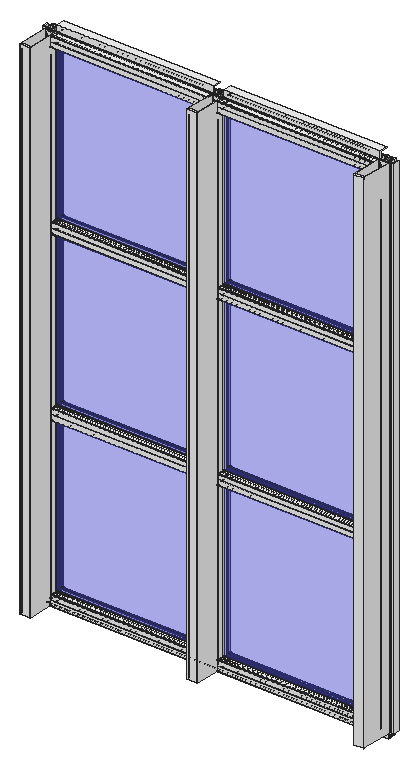
Revit family "Facade_60_Curtain_Wall_S23_Custom", category Windows, host Wall, Revit 2014 (continued)
Definition of nested family "F60 Vertical Profile Side_S23_Cust"
  Automatic sketch dimensions
    plane 3 "Center (Left/Right)" to Extrusion 5 sketch curve = 1.051 mm
    Extrusion 5 sketch curve to Extrusion 5 sketch curve = 0.469 mm  (x2)
    Extrusion 5 sketch curve to Extrusion 5 sketch curve = 1.079 mm
    Extrusion 5 sketch curve to Extrusion 5 sketch curve = 1.317 mm  (x2)
    Extrusion 5 sketch curve to Extrusion 5 sketch curve = 0 mm  (x3)
    plane 3 "Center (Left/Right)" to Extrusion 5 sketch curve = 3.851 mm
    Extrusion 5 sketch curve to Extrusion 5 sketch curve = 0.15 mm  (x2)
    Extrusion 5 sketch curve to Extrusion 5 sketch curve = 26 mm  (x2)
    Extrusion 5 sketch curve to Extrusion 5 sketch curve = 1.05 mm
    plane 1 "Center (Front/Back)" to Extrusion 5 sketch curve = 16.772 mm
    Extrusion 5 sketch curve to Extrusion 5 sketch curve = 0.707 mm
    Extrusion 5 sketch curve to Extrusion 5 sketch curve = 0.433 mm
    plane 1 "Center (Front/Back)" to Extrusion 5 sketch curve = 17.298 mm
    plane 1 "Center (Front/Back)" to Extrusion 5 sketch curve = 14.076 mm
    Extrusion 5 sketch curve to Extrusion 5 sketch curve = 0.5 mm  (x2)
    plane 1 "Center (Front/Back)" to Extrusion 5 sketch curve = 18.761 mm
    Extrusion 5 sketch curve to Extrusion 5 sketch curve = 0.1 mm  (x3)
    Extrusion 5 sketch curve to Extrusion 5 sketch curve = 1.1 mm  (x2)
    Extrusion 5 sketch curve to Extrusion 5 sketch curve = 8.608 mm
    Extrusion 5 sketch curve to Extrusion 5 sketch curve = 0.962 mm
    Extrusion 6 sketch curve to plane 3 "Center (Left/Right)" = 0 mm
    plane 3 "Center (Left/Right)" to Extrusion 6 sketch curve = 1 mm
    plane 3 "Center (Left/Right)" to Extrusion 6 sketch curve = 1.65 mm
    plane 3 "Center (Left/Right)" to Extrusion 6 sketch curve = 1.85 mm
    Extrusion 6 sketch curve to Extrusion 6 sketch curve = 10.317 mm  (x3)
    Extrusion 6 sketch curve to Extrusion 6 sketch curve = 1.833 mm  (x4)
    Extrusion 6 sketch curve to Extrusion 6 sketch curve = 0.02 mm  (x2)
    Extrusion 6 sketch curve to plane 1 "Center (Front/Back)" = 13 mm
    Extrusion 6 sketch curve to Extrusion 6 sketch curve = 31.961 mm
    Extrusion 6 sketch curve to Extrusion 6 sketch curve = 32 mm
    Extrusion 6 sketch curve to Extrusion 6 sketch curve = 0.2 mm  (x5)
    Extrusion 6 sketch curve to Extrusion 6 sketch curve = 0.85 mm
    Extrusion 6 sketch curve to Extrusion 6 sketch curve = 1.65 mm
    Extrusion 6 sketch curve to Extrusion 6 sketch curve = 1 mm  (x8)
    Extrusion 6 sketch curve to Extrusion 6 sketch curve = 1.944 mm
    Extrusion 6 sketch curve to Extrusion 6 sketch curve = 4.656 mm  (x2)
    Extrusion 6 sketch curve to Extrusion 6 sketch curve = 82.1 mm
    Extrusion 6 sketch curve to Extrusion 6 sketch curve = 2.5 mm
    Extrusion 7 sketch curve to plane 3 "Center (Left/Right)" = 0 mm
    Extrusion 7 sketch curve to Extrusion 7 sketch curve = 1 mm  (x3)
    plane 3 "Center (Left/Right)" to Extrusion 7 sketch curve = 1.65 mm
    plane 3 "Center (Left/Right)" to Extrusion 7 sketch curve = 2.35 mm
    Extrusion 7 sketch curve to Extrusion 7 sketch curve = 0.6 mm  (x3)
    Extrusion 7 sketch curve to Extrusion 7 sketch curve = 9.217 mm  (x2)
    Extrusion 7 sketch curve to Extrusion 7 sketch curve = 1.833 mm  (x2)
    Extrusion 7 sketch curve to Extrusion 7 sketch curve = 32 mm
    Extrusion 7 sketch curve to plane 1 "Center (Front/Back)" = 15 mm
    Extrusion 7 sketch curve to Extrusion 7 sketch curve = 54.1 mm
    Extrusion 7 sketch curve to Extrusion 7 sketch curve = 1.3 mm
    Extrusion 7 sketch curve to Extrusion 7 sketch curve = 1.95 mm
    Extrusion 7 sketch curve to Extrusion 7 sketch curve = 1.65 mm
    Extrusion 7 sketch curve to Extrusion 7 sketch curve = 4.987 mm
    Extrusion 7 sketch curve to Extrusion 7 sketch curve = 4.813 mm
    Extrusion 7 sketch curve to Extrusion 7 sketch curve = 4.812 mm
    Extrusion 7 sketch curve to Extrusion 7 sketch curve = 137.5 mm
    Extrusion 7 sketch curve to Extrusion 7 sketch curve = 0.2 mm  (x2)
    Extrusion 7 sketch curve to Extrusion 7 sketch curve = 0.4 mm  (x2)
    Extrusion 7 sketch curve to Extrusion 7 sketch curve = 4.5 mm
    Extrusion 8 sketch curve to plane 3 "Center (Left/Right)" = 0 mm
    Extrusion 8 sketch curve to Extrusion 8 sketch curve = 1 mm  (x3)
    plane 3 "Center (Left/Right)" to Extrusion 8 sketch curve = 1.65 mm
    plane 3 "Center (Left/Right)" to Extrusion 8 sketch curve = 2.75 mm
    Extrusion 8 sketch curve to Extrusion 8 sketch curve = 0.8 mm  (x2)
    Extrusion 8 sketch curve to Extrusion 8 sketch curve = 52.5 mm
    Extrusion 8 sketch curve to plane 1 "Center (Front/Back)" = 15.1 mm
    Extrusion 8 sketch curve to Extrusion 8 sketch curve = 52.9 mm
    Extrusion 8 sketch curve to Extrusion 8 sketch curve = 1.9 mm
    Extrusion 8 sketch curve to Extrusion 8 sketch curve = 2.75 mm
    Extrusion 8 sketch curve to Extrusion 8 sketch curve = 4.444 mm
    Extrusion 8 sketch curve to Extrusion 8 sketch curve = 4.656 mm  (x2)
    Extrusion 8 sketch curve to Extrusion 8 sketch curve = 163.2 mm
    Extrusion 8 sketch curve to Extrusion 8 sketch curve = 9.5 mm
    plane 3 "Center (Left/Right)" to Extrusion 9 sketch curve = 25.249 mm
    Extrusion 9 sketch curve to Extrusion 9 sketch curve = 0.5 mm  (x4)
    Extrusion 9 sketch curve to Extrusion 9 sketch curve = 1.1 mm
    plane 1 "Center (Front/Back)" to Extrusion 9 sketch curve = 11.356 mm  (x2)
    Extrusion 9 sketch curve to Extrusion 9 sketch curve = 0.293 mm  (x2)
    Extrusion 9 sketch curve to Extrusion 9 sketch curve = 1.896 mm
    Extrusion 9 sketch curve to Extrusion 9 sketch curve = 1.922 mm
    Extrusion 9 sketch curve to Extrusion 9 sketch curve = 1 mm  (x2)
    Extrusion 9 sketch curve to Extrusion 9 sketch curve = 0.7 mm
    Extrusion 9 sketch curve to Extrusion 9 sketch curve = 0.808 mm
    Extrusion 9 sketch curve to plane 1 "Center (Front/Back)" = 2.272 mm  (x2)
    Extrusion 9 sketch curve to Extrusion 9 sketch curve = 0.303 mm
    Extrusion 9 sketch curve to plane 1 "Center (Front/Back)" = 1.745 mm
    Extrusion 9 sketch curve to Extrusion 9 sketch curve = 0.356 mm
    plane 1 "Center (Front/Back)" to Extrusion 9 sketch curve = 9.206 mm  (x2)
    Extrusion 9 sketch curve to Extrusion 9 sketch curve = 1.647 mm
    Extrusion 9 sketch curve to Extrusion 9 sketch curve = 0.701 mm
    Extrusion 9 sketch curve to Extrusion 9 sketch curve = 0.992 mm
    Extrusion 9 sketch curve to Extrusion 9 sketch curve = 0.003 mm
    Extrusion 9 sketch curve to Extrusion 9 sketch curve = 0.002 mm
    Extrusion 9 sketch curve to Extrusion 9 sketch curve = 0.004 mm
    Extrusion 9 sketch curve to Extrusion 9 sketch curve = 0.708 mm
    Extrusion 9 sketch curve to plane 1 "Center (Front/Back)" = 1.946 mm
    Extrusion 9 sketch curve to Extrusion 9 sketch curve = 0.899 mm
    Extrusion 9 sketch curve to Extrusion 9 sketch curve = 0.444 mm
    Extrusion 9 sketch curve to Extrusion 9 sketch curve = 3.038 mm
    Extrusion 9 sketch curve to plane 1 "Center (Front/Back)" = 0.385 mm  (x2)
    Extrusion 9 sketch curve to Extrusion 9 sketch curve = 0.756 mm
    Extrusion 9 sketch curve to Extrusion 9 sketch curve = 2.153 mm
    Extrusion 9 sketch curve to Extrusion 9 sketch curve = 0.631 mm
    Extrusion 9 sketch curve to Extrusion 9 sketch curve = 0.807 mm
    Extrusion 9 sketch curve to Extrusion 9 sketch curve = 1.646 mm
    Extrusion 9 sketch curve to Extrusion 9 sketch curve = 0.707 mm
    Extrusion 9 sketch curve to Extrusion 9 sketch curve = 1.393 mm
    Extrusion 9 sketch curve to Extrusion 9 sketch curve = 1.923 mm
    Extrusion 9 sketch curve to Extrusion 9 sketch curve = 11.937 mm
    Extrusion 9 sketch curve to Extrusion 9 sketch curve = 1.6 mm
    Extrusion 9 sketch curve to Extrusion 9 sketch curve = 0.9 mm  (x2)
    Extrusion 9 sketch curve to Extrusion 9 sketch curve = 1.356 mm  (x2)
    Extrusion 9 sketch curve to Extrusion 9 sketch curve = 0.714 mm
    Extrusion 9 sketch curve to Extrusion 9 sketch curve = 0.02 mm
    Extrusion 9 sketch curve to Extrusion 9 sketch curve = 0.399 mm
    Extrusion 9 sketch curve to Extrusion 9 sketch curve = 2.224 mm
    Extrusion 9 sketch curve to Extrusion 9 sketch curve = 0.448 mm
    Extrusion 9 sketch curve to plane 1 "Center (Front/Back)" = 0.198 mm
    Extrusion 9 sketch curve to plane 1 "Center (Front/Back)" = 0.201 mm
    Extrusion 9 sketch curve to Extrusion 9 sketch curve = 0.032 mm
    Extrusion 9 sketch curve to Extrusion 9 sketch curve = 0 mm
    plane 3 "Center (Left/Right)" to Extrusion 10 sketch curve = 1.014 mm
    Extrusion 10 sketch curve to Extrusion 10 sketch curve = 0.469 mm  (x2)
    plane 3 "Center (Left/Right)" to Extrusion 10 sketch curve = 1.706 mm
    Extrusion 10 sketch curve to Extrusion 10 sketch curve = 1.079 mm
    Extrusion 10 sketch curve to Extrusion 10 sketch curve = 0.864 mm
    Extrusion 10 sketch curve to Extrusion 10 sketch curve = 1.15 mm  (x4)
    Extrusion 10 sketch curve to Extrusion 10 sketch curve = 3.2 mm  (x2)
    Extrusion 10 sketch curve to Extrusion 10 sketch curve = 3.031 mm  (x2)
    Extrusion 10 sketch curve to Extrusion 10 sketch curve = 0.6 mm  (x3)
    Extrusion 10 sketch curve to Extrusion 10 sketch curve = 15.584 mm  (x2)
    Extrusion 10 sketch curve to Extrusion 10 sketch curve = 0.808 mm  (x2)
    Extrusion 10 sketch curve to Extrusion 10 sketch curve = 3.038 mm
    Extrusion 10 sketch curve to Extrusion 10 sketch curve = 0.865 mm
    Extrusion 10 sketch curve to Extrusion 10 sketch curve = 1.25 mm  (x5)
    Extrusion 10 sketch curve to Extrusion 10 sketch curve = 0.61 mm
    plane 1 "Center (Front/Back)" to Extrusion 10 sketch curve = 31.288 mm
    Extrusion 10 sketch curve to Extrusion 10 sketch curve = 0.362 mm
    plane 1 "Center (Front/Back)" to Extrusion 10 sketch curve = 31.65 mm
    Extrusion 10 sketch curve to Extrusion 10 sketch curve = 0.962 mm
    Extrusion 10 sketch curve to Extrusion 10 sketch curve = 0.85 mm
    Extrusion 10 sketch curve to Extrusion 10 sketch curve = 0.512 mm  (x2)
    Extrusion 10 sketch curve to Extrusion 10 sketch curve = 0.4 mm  (x2)
    Extrusion 10 sketch curve to Extrusion 10 sketch curve = 1 mm
    Extrusion 10 sketch curve to Extrusion 10 sketch curve = 2.8 mm
    Extrusion 10 sketch curve to Extrusion 10 sketch curve = 0 mm  (x2)
    Extrusion 10 sketch curve to Extrusion 10 sketch curve = 1.4 mm
    Extrusion 10 sketch curve to Extrusion 10 sketch curve = 0.539 mm  (x2)
    plane 1 "Center (Front/Back)" to Extrusion 10 sketch curve = 28.864 mm
    Extrusion 11 sketch curve to plane 3 "Center (Left/Right)" = 0 mm
    plane 3 "Center (Left/Right)" to Extrusion 11 sketch curve = 0.65 mm
    Extrusion 11 sketch curve to Extrusion 11 sketch curve = 0.128 mm  (x2)
    plane 3 "Center (Left/Right)" to Extrusion 11 sketch curve = 1.014 mm
    plane 3 "Center (Left/Right)" to Extrusion 11 sketch curve = 1.05 mm
    Extrusion 11 sketch curve to Extrusion 11 sketch curve = 0.469 mm  (x2)
    Extrusion 11 sketch curve to Extrusion 11 sketch curve = 1.079 mm
    Extrusion 11 sketch curve to Extrusion 11 sketch curve = 1.317 mm  (x2)
    Extrusion 11 sketch curve to Extrusion 11 sketch curve = 0 mm  (x3)
    plane 3 "Center (Left/Right)" to Extrusion 11 sketch curve = 3.85 mm
    Extrusion 11 sketch curve to Extrusion 11 sketch curve = 0.15 mm  (x2)
    Extrusion 11 sketch curve to Extrusion 11 sketch curve = 26 mm  (x2)
    Extrusion 11 sketch curve to Extrusion 11 sketch curve = 1.05 mm
    Extrusion 11 sketch curve to Extrusion 11 sketch curve = 0.707 mm
    Extrusion 11 sketch curve to Extrusion 11 sketch curve = 0.433 mm
    plane 1 "Center (Front/Back)" to Extrusion 11 sketch curve = 31.288 mm
    plane 1 "Center (Front/Back)" to Extrusion 11 sketch curve = 28.065 mm
    Extrusion 11 sketch curve to Extrusion 11 sketch curve = 1.314 mm
    Extrusion 11 sketch curve to Extrusion 11 sketch curve = 0.65 mm
    Extrusion 11 sketch curve to Extrusion 11 sketch curve = 0.5 mm  (x2)
    plane 1 "Center (Front/Back)" to Extrusion 11 sketch curve = 32.75 mm
    Extrusion 11 sketch curve to Extrusion 11 sketch curve = 0.1 mm  (x3)
    Extrusion 11 sketch curve to Extrusion 11 sketch curve = 1.1 mm  (x2)
    Extrusion 11 sketch curve to Extrusion 11 sketch curve = 8.608 mm
    Extrusion 11 sketch curve to Extrusion 11 sketch curve = 0.962 mm
    Extrusion 12 sketch curve to plane 3 "Center (Left/Right)" = 21.349 mm
    Extrusion 12 sketch curve to Extrusion 12 sketch curve = 6.35 mm
    plane 3 "Center (Left/Right)" to Extrusion 12 sketch curve = 10.403 mm
    plane 1 "Center (Front/Back)" to Extrusion 12 sketch curve = 35.567 mm
    plane 1 "Center (Front/Back)" to Extrusion 12 sketch curve = 10.171 mm
    plane 1 "Center (Front/Back)" to Extrusion 12 sketch curve = 3.821 mm
    Extrusion 13 sketch curve to plane 3 "Center (Left/Right)" = 21.35 mm
    Extrusion 13 sketch curve to Extrusion 13 sketch curve = 6.35 mm
    plane 3 "Center (Left/Right)" to Extrusion 13 sketch curve = 10.402 mm
    plane 1 "Center (Front/Back)" to Extrusion 13 sketch curve = 33.172 mm
    plane 1 "Center (Front/Back)" to Extrusion 13 sketch curve = 7.775 mm
    plane 1 "Center (Front/Back)" to Extrusion 13 sketch curve = 1.425 mm
    Extrusion 14 sketch curve to plane 3 "Center (Left/Right)" = 0 mm
    plane 3 "Center (Left/Right)" to Extrusion 14 sketch curve = 1.2 mm
    Extrusion 14 sketch curve to Extrusion 14 sketch curve = 9.6 mm
    Extrusion 14 sketch curve to Extrusion 14 sketch curve = 1.2 mm  (x3)
    plane 1 "Center (Front/Back)" to Extrusion 14 sketch curve = 25.775 mm
    plane 1 "Center (Front/Back)" to Extrusion 14 sketch curve = 8.975 mm
    curve 4 to Extrusion 6 = 0 mm
    curve 3 to Extrusion 6 = 0 mm
    curve 1 to Extrusion 6 = 0 mm
    curve 4 to Extrusion 6 = 3.6 mm
    curve 3 to Extrusion 6 = 3.6 mm
    curve 1 to Extrusion 6 = 3.6 mm
    Extrusion 6 to curve 2 = 1 mm
    Extrusion 6 to curve 5 = 1 mm
    Extrusion 6 to curve 6 = 1 mm
    curve 6 to Extrusion 6 = 1 mm
    curve 5 to Extrusion 6 = 1 mm
    curve 2 to Extrusion 6 = 1 mm
    curve 9 to Extrusion 6 = 0 mm
    curve 8 to Extrusion 6 = 0 mm
    curve 7 to Extrusion 6 = 0 mm
    Extrusion 6 to curve 8 = 3.6 mm
    Extrusion 6 to curve 9 = 3.6 mm
    Extrusion 6 to curve 7 = 3.6 mm
    curve 12 to Extrusion 5 = 25.894 mm
    curve 11 to Extrusion 5 = 25.894 mm
    curve 10 to Extrusion 5 = 25.894 mm
    curve 10 to Extrusion 5 = 0.108 mm
    Extrusion 5 to curve 12 = 0.703 mm
    Extrusion 5 to curve 11 = 0.703 mm
    curve 13 to Extrusion 5 = 4 mm
    curve 14 to Extrusion 5 = 4 mm
    curve 15 to Extrusion 5 = 4 mm
    Extrusion 5 to curve 15 = 0.702 mm
    Extrusion 5 to curve 14 = 0.702 mm
    Extrusion 5 to curve 13 = 0.702 mm
    curve 18 to Extrusion 7 = 0 mm
    curve 17 to Extrusion 7 = 0 mm
    curve 16 to Extrusion 7 = 0 mm
    Extrusion 7 to curve 17 = 3.6 mm
    Extrusion 7 to curve 18 = 3.6 mm
    Extrusion 7 to curve 16 = 3.6 mm
    Extrusion 7 to curve 21 = 1 mm  (x2)
    Extrusion 7 to curve 20 = 1 mm  (x2)
    Extrusion 7 to curve 19 = 1 mm  (x2)
    curve 24 to Extrusion 7 = 0 mm
    curve 23 to Extrusion 7 = 0 mm
    curve 22 to Extrusion 7 = 0 mm
    curve 24 to Extrusion 7 = 3.6 mm
    curve 23 to Extrusion 7 = 3.6 mm
    curve 22 to Extrusion 7 = 3.6 mm
    curve 27 to Extrusion 8 = 0 mm
    curve 26 to Extrusion 8 = 0 mm
    curve 25 to Extrusion 8 = 0 mm
    Extrusion 8 to curve 26 = 3.6 mm
    Extrusion 8 to curve 27 = 3.6 mm
    Extrusion 8 to curve 25 = 3.6 mm
    Extrusion 8 to curve 30 = 0.221 mm
    Extrusion 8 to curve 29 = 0.221 mm
    Extrusion 8 to curve 28 = 0.221 mm
    curve 29 to Extrusion 8 = 0.222 mm
    curve 30 to Extrusion 8 = 0.222 mm
    curve 28 to Extrusion 8 = 0.222 mm
    curve 33 to Extrusion 8 = 0 mm
    curve 32 to Extrusion 8 = 0 mm
    curve 31 to Extrusion 8 = 0 mm
    curve 33 to Extrusion 8 = 3.6 mm
    curve 32 to Extrusion 8 = 3.6 mm
    curve 31 to Extrusion 8 = 3.6 mm
    curve 34 to Extrusion 11 = 4.016 mm
    curve 35 to Extrusion 11 = 4.016 mm
    curve 36 to Extrusion 11 = 3.97 mm
    Extrusion 11 to curve 36 = 0.637 mm
    Extrusion 11 to curve 35 = 0.637 mm
    Extrusion 11 to curve 34 = 0.637 mm
    curve 37 to Extrusion 11 = 29.221 mm
    curve 38 to Extrusion 11 = 29.221 mm
    curve 39 to Extrusion 11 = 29.221 mm
    Extrusion 11 to curve 39 = 3.222 mm
    Extrusion 11 to curve 38 = 3.222 mm
    Extrusion 11 to curve 37 = 3.222 mm
Definition of nested family "F60 Horizontal Profile Top_S23_Cust"
  Parameters (values of type "F60 Horizontal Profile Top")
    Thermal Break Material [instance] = none
    Single Glazing [instance] = yes
    Profile Material [instance] = none
    Length [instance] = 250 mm
    Double Glazing [instance] = yes
  Reference planes
    plane 1 "Center (Front/Back)": y = 0
    plane 2: z = 0
    plane 3 "Center (Left/Right)": x = 0
  Forms (mm)
    Extrusion 1, solid, material <- "Profile Material"
      sketch origin (0, 0, 0) x (0, 1, 0) y (0, 0, 1)
        loop
          line (-9.94, 7.845) -> (-8.37, 6.275) -> (-1.2, 10.415) -> (-1.2, 1.2) -> (-5, 1.2) -> (-5, 0) -> (-1, 0)
          arc (-1, 0) -> (-0.293, 0.293) -> (0, 1) r 1
          line (0, 1) -> (0, 30) -> (0, 59)
          arc (0, 59) -> (-0.293, 59.707) -> (-1, 60) r 1
          line (-1, 60) -> (-5, 60) -> (-5, 58.8) -> (-1.2, 58.8) -> (-1.2, 49.585) -> (-8.37, 53.725) -> (-9.94, 52.155)
          arc (-9.94, 52.155) -> (-9.902, 51.269) -> (-9.016, 51.232) r 0.655
          line (-9.016, 51.232) -> (-8.077, 52.17) -> (-1.2, 48.2) -> (-1.2, 30) -> (-1.2, 11.8) -> (-8.077, 7.83) -> (-9.016, 8.768)
          arc (-9.016, 8.768) -> (-9.902, 8.731) -> (-9.94, 7.845) r 0.655
      from 0 to 250 <- "Length"
    Extrusion 2, solid, material <- "Profile Material"
      sketch origin (0, 0, 0) x (0, 1, 0) y (0, 0, 1)
        loop
          line (-5, 60) -> (-44.6, 60) -> (-44.6, 58.35) -> (-39.944, 58.35) -> (-39.944, 1.65) -> (-44.6, 1.65) -> (-44.6, 0) -> (-5, 0) -> (-5, 2.2) -> (-4.2, 2.2) -> (-4.2, 3.018)
          arc (-4.2, 3.018) -> (-4.352, 3.783) -> (-4.786, 4.432) r 2
          line (-4.786, 4.432) -> (-7.054, 6.7) -> (-8, 6.489) -> (-8, 5.7) -> (-7.205, 5.7) -> (-7.205, 2.95) -> (-8, 2.95) -> (-8, 1.95) -> (-12.752, 1.95) -> (-12.752, 6.7) -> (-14.152, 6.7) -> (-14.152, 1.65) -> (-38.65, 1.65) -> (-38.65, 8.33) -> (-37.097, 8.33) -> (-34.666, 6.973)
          arc (-34.666, 6.973) -> (-33.846, 7.192) -> (-34.066, 8.012) r 0.6
          line (-34.066, 8.012) -> (-37.128, 9.78) -> (-38.65, 9.78) -> (-38.65, 12.65) -> (-37.6, 13.7) -> (-37.6, 20.3) -> (-38.65, 21.35) -> (-38.65, 38.65) -> (-37.6, 39.7) -> (-37.6, 46.3) -> (-38.65, 47.35) -> (-38.65, 50.22) -> (-37.128, 50.22) -> (-34.066, 51.988)
          arc (-34.066, 51.988) -> (-33.846, 52.808) -> (-34.666, 53.027) r 0.6
          line (-34.666, 53.027) -> (-37.032, 51.661) -> (-38.65, 51.661) -> (-38.65, 58.35) -> (-14.152, 58.35) -> (-14.152, 53.3) -> (-12.752, 53.3) -> (-12.752, 58.05) -> (-8, 58.05) -> (-8, 57.05) -> (-7.205, 57.05) -> (-7.205, 54.3) -> (-8, 54.3) -> (-8, 53.511) -> (-7.054, 53.3) -> (-4.786, 55.568)
          arc (-4.786, 55.568) -> (-4.352, 56.217) -> (-4.2, 56.982) r 2
          line (-4.2, 56.982) -> (-4.2, 57.8) -> (-5, 57.8) -> (-5, 60)
      from 0 to 250 <- "Length"
    Extrusion 3, solid, material <- "Thermal Break Material"
      sketch origin (0, 0, 0) x (0, 1, 0) y (0, 0, 1)
        loop
          line (-40, 1.75) -> (-40, 30) -> (-40, 58.25) -> (-44.6, 58.25) -> (-44.6, 60) -> (-45.9, 60) -> (-45.9, 53.65) -> (-41.788, 53.65)
          arc (-41.788, 53.65) -> (-41.363, 53.474) -> (-41.187, 53.05) r 0.6
          line (-41.187, 53.05) -> (-41.187, 30) -> (-41.187, 6.95)
          arc (-41.187, 6.95) -> (-41.363, 6.526) -> (-41.788, 6.35) r 0.6
          line (-41.788, 6.35) -> (-45.9, 6.35) -> (-45.9, 0) -> (-44.6, 0) -> (-44.6, 1.75) -> (-40, 1.75)
      from 0 to 250 <- "Length"
    Extrusion 4, solid, material <- "Profile Material"
      sketch origin (0, 0, 0) x (0, 1, 0) y (0, 0, 1)
        loop
          line (-58.5, 25.249) -> (-43.6, 25.249)
          arc (-43.6, 25.249) -> (-43.034, 25.015) -> (-42.8, 24.449) r 0.8
          line (-42.8, 24.449) -> (-42.8, 7.9) -> (-44.4, 7.9) -> (-44.4, 9.45) -> (-45.25, 9.45)
          arc (-45.25, 9.45) -> (-45.674, 9.274) -> (-45.85, 8.85) r 0.6
          line (-45.85, 8.85) -> (-45.85, 7.9) -> (-48.8, 7.9)
          arc (-48.8, 7.9) -> (-49.3, 8.4) -> (-49.8, 7.9) r 0.5
          line (-49.8, 7.9) -> (-49.8, 5.55) -> (-48.65, 5.55) -> (-48.65, 6.7) -> (-47.35, 6.7) -> (-47.35, 1.2) -> (-48.65, 1.2) -> (-48.65, 2.35) -> (-49.8, 2.35) -> (-49.8, 0.5)
          arc (-49.8, 0.5) -> (-49.654, 0.146) -> (-49.3, 0) r 0.5
          line (-49.3, 0) -> (-45.9, 0) -> (-45.9, 6.45) -> (-42.2, 6.45)
          arc (-42.2, 6.45) -> (-41.634, 6.684) -> (-41.4, 7.25) r 0.8
          line (-41.4, 7.25) -> (-41.4, 30) -> (-41.4, 52.75)
          arc (-41.4, 52.75) -> (-41.634, 53.316) -> (-42.2, 53.55) r 0.8
          line (-42.2, 53.55) -> (-45.9, 53.55) -> (-45.9, 60) -> (-49.3, 60)
          arc (-49.3, 60) -> (-49.654, 59.854) -> (-49.8, 59.5) r 0.5
          line (-49.8, 59.5) -> (-49.8, 57.65) -> (-48.65, 57.65) -> (-48.65, 58.8) -> (-47.35, 58.8) -> (-47.35, 53.3) -> (-48.65, 53.3) -> (-48.65, 54.45) -> (-49.8, 54.45) -> (-49.8, 52.1)
          arc (-49.8, 52.1) -> (-49.3, 51.6) -> (-48.8, 52.1) r 0.5
          line (-48.8, 52.1) -> (-45.85, 52.1) -> (-45.85, 51.15)
          arc (-45.85, 51.15) -> (-45.674, 50.726) -> (-45.25, 50.55) r 0.6
          line (-45.25, 50.55) -> (-44.4, 50.55) -> (-44.4, 52.1) -> (-42.8, 52.1) -> (-42.8, 35.551)
          arc (-42.8, 35.551) -> (-43.034, 34.985) -> (-43.6, 34.751) r 0.8
          line (-43.6, 34.751) -> (-58.5, 34.751)
          arc (-58.5, 34.751) -> (-59.066, 34.516) -> (-59.3, 33.951) r 0.8
          line (-59.3, 33.951) -> (-59.3, 32.902) -> (-42.8, 32.902) -> (-42.8, 27.1) -> (-59.3, 27.1) -> (-59.3, 26.049)
          arc (-59.3, 26.049) -> (-59.066, 25.484) -> (-58.5, 25.249) r 0.8
      from 0 to 250 <- "Length"
    Extrusion 5, solid, material <- "Thermal Break Material", visible <- "Single Glazing"
      sketch origin (0, 0, 0) x (0, 1, 0) y (0, 0, 1)
        loop
          arc (-63.8, 25.751) -> (-63.654, 25.397) -> (-63.3, 25.251) r 0.5
          line (-63.3, 25.251) -> (-59.8, 25.251)
          arc (-59.8, 25.251) -> (-59.446, 25.397) -> (-59.3, 25.751) r 0.5
          line (-59.3, 25.751) -> (-59.3, 27.648) -> (-49.599, 27.648) -> (-47.528, 28.651)
          arc (-47.528, 28.651) -> (-46.803, 30.001) -> (-47.528, 31.351) r 1.62
          line (-47.528, 31.351) -> (-49.599, 32.353) -> (-59.3, 32.353) -> (-59.3, 34.251)
          arc (-59.3, 34.251) -> (-59.446, 34.604) -> (-59.8, 34.751) r 0.5
          line (-59.8, 34.751) -> (-63.3, 34.751)
          arc (-63.3, 34.751) -> (-63.654, 34.604) -> (-63.8, 34.251) r 0.5
          line (-63.8, 34.251) -> (-63.8, 32.328) -> (-62.4, 31.52) -> (-62.4, 28.483) -> (-63.8, 27.673) -> (-63.8, 25.751)
        loop
          line (-59.794, 28.506) -> (-59.006, 29.294)
          arc (-59.006, 29.294) -> (-58.788, 29.618) -> (-58.713, 30.001) r 0.986
          arc (-58.713, 30.001) -> (-58.79, 30.384) -> (-59.008, 30.71) r 1.007
          line (-59.008, 30.71) -> (-59.794, 31.496) -> (-60.65, 31.496)
          arc (-60.65, 31.496) -> (-61.004, 31.349) -> (-61.15, 30.996) r 0.5
          line (-61.15, 30.996) -> (-61.15, 29.006)
          arc (-61.15, 29.006) -> (-61.004, 28.652) -> (-60.65, 28.506) r 0.5
          line (-60.65, 28.506) -> (-59.794, 28.506)
        loop
          line (-47.854, 30.898) -> (-49.415, 31.653) -> (-56.782, 31.653)
          arc (-56.782, 31.653) -> (-57.207, 31.417) -> (-57.23, 30.932) r 0.5
          arc (-57.23, 30.932) -> (-57.013, 30.001) -> (-57.23, 29.07) r 2.099
          arc (-57.23, 29.07) -> (-57.207, 28.584) -> (-56.782, 28.348) r 0.5
          line (-56.782, 28.348) -> (-49.415, 28.348) -> (-48.055, 29.007)
          arc (-48.055, 29.007) -> (-47.35, 29.888) -> (-47.854, 30.898) r 1.047
      from 0 to 250 <- "Length"
    Extrusion 6, solid, material <- "Profile Material", visible <- "Single Glazing"
      sketch origin (0, 0, 0) x (0, 1, 0) y (0, 0, 1)
        loop
          line (-63.8, 52.694) -> (-64.8, 52.694) -> (-64.8, 51.544) -> (-66.05, 51.544) -> (-66.05, 57.044) -> (-64.8, 57.044) -> (-64.8, 55.894) -> (-63.8, 55.894) -> (-63.8, 58.294)
          arc (-63.8, 58.294) -> (-64.082, 58.803) -> (-64.664, 58.835) r 0.6
          line (-64.664, 58.835) -> (-66.562, 57.91) -> (-67.088, 58.988) -> (-68.05, 58.519) -> (-68.05, 48.513)
          arc (-68.05, 48.513) -> (-67.874, 48.089) -> (-67.45, 47.913) r 0.6
          line (-67.45, 47.913) -> (-66.6, 47.913) -> (-66.6, 12.09) -> (-67.45, 12.09)
          arc (-67.45, 12.09) -> (-67.874, 11.914) -> (-68.05, 11.49) r 0.6
          line (-68.05, 11.49) -> (-68.05, 1.485) -> (-67.088, 1.016) -> (-66.562, 2.095) -> (-64.663, 1.169)
          arc (-64.663, 1.169) -> (-64.082, 1.2) -> (-63.8, 1.709) r 0.6
          line (-63.8, 1.709) -> (-63.8, 4.109) -> (-64.8, 4.109) -> (-64.8, 2.959) -> (-66.05, 2.959) -> (-66.05, 8.459) -> (-64.8, 8.459) -> (-64.8, 7.309) -> (-63.8, 7.309) -> (-63.8, 27.674) -> (-62.4, 28.483) -> (-62.4, 31.521) -> (-63.8, 32.329) -> (-63.8, 52.694)
      from 0 to 250 <- "Length"
    Extrusion 7, solid, material <- "Profile Material", visible <- "Single Glazing"
      sketch origin (0, 0, 0) x (0, 1, 0) y (0, 0, 1)
        loop
          line (-68.551, 3.3) -> (-76.559, 3.3) -> (-76.559, 30) -> (-76.559, 56.15)
          arc (-76.559, 56.15) -> (-75.739, 58.13) -> (-73.759, 58.95) r 2.8
          line (-73.759, 58.95) -> (-69.151, 58.95) -> (-69.151, 57.2)
          arc (-69.151, 57.2) -> (-68.987, 56.829) -> (-68.601, 56.703) r 0.5
          arc (-68.601, 56.703) -> (-68.216, 56.829) -> (-68.051, 57.2) r 0.5
          line (-68.051, 57.2) -> (-68.051, 58.517) -> (-67.089, 58.986) -> (-66.563, 57.907) -> (-63.866, 59.222)
          arc (-63.866, 59.222) -> (-64.001, 59.762) -> (-64.504, 60) r 0.65
          line (-64.504, 60) -> (-73.859, 60)
          arc (-73.859, 60) -> (-76.687, 58.828) -> (-77.859, 56) r 4
          line (-77.859, 56) -> (-77.859, 30) -> (-77.859, 2.493)
          arc (-77.859, 2.493) -> (-77.197, 0.799) -> (-75.562, 0.002) r 2.5
          arc (-75.562, 0.002) -> (-75.182, 0.132) -> (-75.021, 0.5) r 0.5
          line (-75.021, 0.5) -> (-75.021, 2) -> (-69.151, 2) -> (-69.151, 0.5)
          arc (-69.151, 0.5) -> (-69.005, 0.146) -> (-68.651, 0) r 0.5
          line (-68.651, 0) -> (-64.504, 0)
          arc (-64.504, 0) -> (-64.001, 0.238) -> (-63.866, 0.778) r 0.65
          line (-63.866, 0.778) -> (-66.563, 2.093) -> (-67.089, 1.014) -> (-68.051, 1.483) -> (-68.051, 2.8)
          arc (-68.051, 2.8) -> (-68.198, 3.154) -> (-68.551, 3.3) r 0.5
      from 0 to 250 <- "Length"
    Extrusion 8, solid, material <- "Thermal Break Material", visible <- "Double Glazing"
      sketch origin (0, 0, 0) x (0, 1, 0) y (0, 0, 1)
        loop
          line (-77.8, 27.673) -> (-77.8, 25.751)
          arc (-77.8, 25.751) -> (-77.654, 25.397) -> (-77.3, 25.251) r 0.5
          line (-77.3, 25.251) -> (-59.8, 25.251)
          arc (-59.8, 25.251) -> (-59.446, 25.397) -> (-59.3, 25.751) r 0.5
          line (-59.3, 25.751) -> (-59.3, 27.647) -> (-49.599, 27.647) -> (-47.528, 28.649)
          arc (-47.528, 28.649) -> (-46.803, 29.999) -> (-47.528, 31.349) r 1.62
          line (-47.528, 31.349) -> (-49.602, 32.353) -> (-59.3, 32.353) -> (-59.3, 34.251)
          arc (-59.3, 34.251) -> (-59.446, 34.604) -> (-59.8, 34.751) r 0.5
          line (-59.8, 34.751) -> (-77.3, 34.751)
          arc (-77.3, 34.751) -> (-77.654, 34.604) -> (-77.8, 34.251) r 0.5
          line (-77.8, 34.251) -> (-77.8, 32.327) -> (-76.4, 31.52) -> (-76.4, 28.482) -> (-77.8, 27.673)
        loop
          line (-59.006, 30.708) -> (-61.156, 32.858)
          arc (-61.156, 32.858) -> (-61.48, 33.074) -> (-61.863, 33.151) r 1
          line (-61.863, 33.151) -> (-73.8, 33.151)
          arc (-73.8, 33.151) -> (-74.507, 32.858) -> (-74.8, 32.151) r 1
          line (-74.8, 32.151) -> (-74.8, 27.851)
          arc (-74.8, 27.851) -> (-74.507, 27.144) -> (-73.8, 26.851) r 1
          line (-73.8, 26.851) -> (-61.863, 26.851)
          arc (-61.863, 26.851) -> (-61.48, 26.927) -> (-61.156, 27.144) r 1
          line (-61.156, 27.144) -> (-59.006, 29.294)
          arc (-59.006, 29.294) -> (-58.788, 29.618) -> (-58.713, 30.001) r 0.986
          arc (-58.713, 30.001) -> (-58.79, 30.383) -> (-59.006, 30.708) r 1.007
        loop
          line (-56.782, 28.347) -> (-49.415, 28.347) -> (-48.055, 29.005)
          arc (-48.055, 29.005) -> (-47.35, 29.887) -> (-47.854, 30.896) r 1.047
          line (-47.854, 30.896) -> (-49.415, 31.652) -> (-56.782, 31.652)
          arc (-56.782, 31.652) -> (-57.207, 31.416) -> (-57.23, 30.93) r 0.5
          arc (-57.23, 30.93) -> (-57.013, 29.999) -> (-57.23, 29.068) r 2.099
          arc (-57.23, 29.068) -> (-57.207, 28.583) -> (-56.782, 28.347) r 0.5
      from 0 to 250 <- "Length"
    Extrusion 9, solid, material <- "Profile Material", visible <- "Double Glazing"
      sketch origin (0, 0, 0) x (0, 1, 0) y (0, 0, 1)
        loop
          line (-77.8, 52.694) -> (-78.8, 52.694) -> (-78.8, 51.544) -> (-80.05, 51.544) -> (-80.05, 57.044) -> (-78.8, 57.044) -> (-78.8, 55.894) -> (-77.8, 55.894) -> (-77.8, 58.294)
          arc (-77.8, 58.294) -> (-78.082, 58.802) -> (-78.664, 58.834) r 0.6
          line (-78.664, 58.834) -> (-80.562, 57.909) -> (-81.088, 58.988) -> (-82.05, 58.518) -> (-82.05, 48.512)
          arc (-82.05, 48.512) -> (-81.874, 48.088) -> (-81.45, 47.912) r 0.6
          line (-81.45, 47.912) -> (-80.6, 47.912) -> (-80.6, 12.089) -> (-81.45, 12.089)
          arc (-81.45, 12.089) -> (-81.874, 11.913) -> (-82.05, 11.489) r 0.6
          line (-82.05, 11.489) -> (-82.05, 1.484) -> (-81.088, 1.015) -> (-80.562, 2.094) -> (-78.663, 1.169)
          arc (-78.663, 1.169) -> (-78.082, 1.199) -> (-77.8, 1.708) r 0.6
          line (-77.8, 1.708) -> (-77.8, 4.108) -> (-78.8, 4.108) -> (-78.8, 2.958) -> (-80.05, 2.958) -> (-80.05, 8.458) -> (-78.8, 8.458) -> (-78.8, 7.308) -> (-77.8, 7.308) -> (-77.8, 27.673) -> (-76.4, 28.482) -> (-76.4, 31.52) -> (-77.8, 32.328) -> (-77.8, 52.694)
      from 0 to 250 <- "Length"
    Extrusion 10, solid, material <- "Profile Material", visible <- "Double Glazing"
      sketch origin (0, 0, 0) x (0, 1, 0) y (0, 0, 1)
        loop
          line (-82.551, 3.3) -> (-90.558, 3.3) -> (-90.558, 30) -> (-90.558, 56.15)
          arc (-90.558, 56.15) -> (-89.738, 58.13) -> (-87.758, 58.95) r 2.8
          line (-87.758, 58.95) -> (-83.151, 58.95) -> (-83.151, 57.2)
          arc (-83.151, 57.2) -> (-82.986, 56.829) -> (-82.601, 56.703) r 0.5
          arc (-82.601, 56.703) -> (-82.215, 56.829) -> (-82.051, 57.2) r 0.5
          line (-82.051, 57.2) -> (-82.051, 58.517) -> (-81.088, 58.986) -> (-80.563, 57.907) -> (-77.866, 59.222)
          arc (-77.866, 59.222) -> (-78, 59.762) -> (-78.503, 60) r 0.65
          line (-78.503, 60) -> (-87.858, 60)
          arc (-87.858, 60) -> (-90.687, 58.828) -> (-91.858, 56) r 4
          line (-91.858, 56) -> (-91.858, 30) -> (-91.858, 2.493)
          arc (-91.858, 2.493) -> (-91.196, 0.799) -> (-89.561, 0.002) r 2.5
          arc (-89.561, 0.002) -> (-89.182, 0.132) -> (-89.021, 0.5) r 0.5
          line (-89.021, 0.5) -> (-89.021, 2) -> (-83.151, 2) -> (-83.151, 0.5)
          arc (-83.151, 0.5) -> (-83.004, 0.146) -> (-82.651, 0) r 0.5
          line (-82.651, 0) -> (-78.503, 0)
          arc (-78.503, 0) -> (-78, 0.238) -> (-77.866, 0.778) r 0.65
          line (-77.866, 0.778) -> (-80.563, 2.093) -> (-81.088, 1.014) -> (-82.051, 1.483) -> (-82.051, 2.8)
          arc (-82.051, 2.8) -> (-82.197, 3.154) -> (-82.551, 3.3) r 0.5
      from 0 to 250 <- "Length"
    Extrusion 11, solid, material <- "Profile Material", visible <- "Double Glazing"
      sketch origin (0, 0, 0) x (0, 1, 0) y (0, 0, 1)
        loop
          line (-57.8, 45.73) -> (-51.8, 45.73) -> (-51.8, 95.73) -> (-101.8, 95.73) -> (-101.8, 89.73) -> (-57.8, 89.73) -> (-57.8, 45.73)
      from 0 to 250 <- "Length"
    Extrusion 12, solid, material <- "Profile Material", visible <- "Double Glazing"
      sketch origin (0, 0, 0) x (0, 1, 0) y (0, 0, 1)
        loop
          line (-75.8, 48) -> (-57.8, 48) -> (-57.8, 60) -> (-75.8, 60) -> (-75.8, 48)
        loop
          line (-74.6, 49.2) -> (-59, 49.2) -> (-59, 58.8) -> (-74.6, 58.8) -> (-74.6, 49.2)
      from 0 to 250 <- "Length"
    Extrusion 13, solid, material <- "Profile Material", visible <- "Single Glazing"
      sketch origin (0, 0, 0) x (0, 1, 0) y (0, 0, 1)
        loop
          line (-59.8, 45.865) -> (-53.8, 45.865) -> (-53.8, 95.865) -> (-103.8, 95.865) -> (-103.8, 89.865) -> (-59.8, 89.865) -> (-59.8, 45.865)
      from 0 to 250 <- "Length"
  Dimensions and locks
    aligned and locked: level to plane 2
Definition of nested family "F60 Sill_S23_Cust"
  Parameters (values of type "F60 Sill")
    Profile Material [instance] = none
    Length Sill [instance] = 250 mm
  Reference planes
    plane 1 "Center (Front/Back)": y = 0
    plane 2: z = 0
    plane 3 "Center (Left/Right)": x = 0
  Forms (mm)
    Extrusion 1, solid, material <- "Profile Material"
      sketch origin (0, 0, 0) x (0, 1, 0) y (0, 0, 1)
        loop
          line (-42.734, 5.324) -> (-48.256, 4.643)
          arc (-48.256, 4.643) -> (-49.196, 4.147) -> (-49.572, 3.154) r 1.5
          line (-49.572, 3.154) -> (-49.572, 1.88) -> (-47.772, 1.88) -> (-47.772, 3.191) -> (-19.233, 6.714)
          arc (-19.233, 6.714) -> (-17.924, 7.083) -> (-16.785, 7.826) r 4.5
          line (-16.785, 7.826) -> (-16.785, 1.88) -> (-15.285, 1.88) -> (-15.285, 24.58)
          arc (-15.285, 24.58) -> (-15.109, 25.004) -> (-14.685, 25.18) r 0.6
          line (-14.685, 25.18) -> (-4.072, 25.18) -> (-4.072, 1.88) -> (-2.572, 1.88) -> (-2.572, 29.88) -> (-4.072, 29.88) -> (-4.072, 28.88) -> (-5.222, 28.88) -> (-5.222, 27.68) -> (-4.072, 27.68) -> (-4.072, 26.38) -> (-9.572, 26.38) -> (-9.572, 27.68) -> (-8.422, 27.68) -> (-8.422, 28.88) -> (-10.172, 28.88)
          arc (-10.172, 28.88) -> (-10.597, 28.704) -> (-10.772, 28.28) r 0.6
          line (-10.772, 28.28) -> (-10.772, 26.38) -> (-15.285, 26.38)
          arc (-15.285, 26.38) -> (-16.345, 25.941) -> (-16.785, 24.88) r 1.5
          line (-16.785, 24.88) -> (-16.785, 11.18)
          arc (-16.785, 11.18) -> (-17.537, 9.193) -> (-19.417, 8.203) r 3
          line (-19.417, 8.203) -> (-39.35, 5.742)
          arc (-39.35, 5.742) -> (-40.527, 6.107) -> (-41.034, 7.231) r 1.5
          line (-41.034, 7.231) -> (-41.034, 19.996)
          arc (-41.034, 19.996) -> (-40.883, 20.394) -> (-40.507, 20.592) r 0.6
          line (-40.507, 20.592) -> (-32.917, 21.529)
          arc (-32.917, 21.529) -> (-31.977, 22.024) -> (-31.601, 23.017) r 1.5
          line (-31.601, 23.017) -> (-31.601, 28.88) -> (-33.101, 28.88) -> (-33.101, 23.548)
          arc (-33.101, 23.548) -> (-33.251, 23.15) -> (-33.627, 22.952) r 0.6
          line (-33.627, 22.952) -> (-45.787, 21.451)
          arc (-45.787, 21.451) -> (-46.727, 20.956) -> (-47.104, 19.962) r 1.5
          line (-47.104, 19.962) -> (-47.104, 19.054)
          arc (-47.104, 19.054) -> (-46.957, 18.7) -> (-46.604, 18.554) r 0.5
          line (-46.604, 18.554) -> (-45.604, 18.554) -> (-45.604, 19.962) -> (-42.734, 20.317) -> (-42.734, 5.324)
      from 0 to 250 <- "Length Sill"
  Dimensions and locks
    aligned and locked: level to plane 2
Definition of nested family "F60 Horizontal Profile Bottom_S23_Cust"
  Parameters (values of type "F60 Horizontal Profile Bottom")
    Thermal Break Material [instance] = none
    Single Glazing [instance] = yes
    Profile Material [instance] = none
    Length [instance] = 250 mm
    Double Glazing [instance] = yes
  Reference planes
    plane 1 "Center (Front/Back)": y = 0
    plane 2: z = 0
    plane 3 "Center (Left/Right)": x = 0
  Forms (mm)
    Extrusion 1, solid, material <- "Profile Material"
      sketch origin (0, 0, 0) x (0, 1, 0) y (0, 0, 1)
        loop
          line (-9.94, 7.845) -> (-8.37, 6.275) -> (-1.2, 10.415) -> (-1.2, 1.2) -> (-5, 1.2) -> (-5, 0) -> (-1, 0)
          arc (-1, 0) -> (-0.293, 0.293) -> (0, 1) r 1
          line (0, 1) -> (0, 30) -> (0, 59)
          arc (0, 59) -> (-0.293, 59.707) -> (-1, 60) r 1
          line (-1, 60) -> (-5, 60) -> (-5, 58.8) -> (-1.2, 58.8) -> (-1.2, 49.585) -> (-8.37, 53.725) -> (-9.94, 52.155)
          arc (-9.94, 52.155) -> (-9.902, 51.269) -> (-9.016, 51.232) r 0.655
          line (-9.016, 51.232) -> (-8.077, 52.17) -> (-1.2, 48.2) -> (-1.2, 30) -> (-1.2, 11.8) -> (-8.077, 7.83) -> (-9.016, 8.768)
          arc (-9.016, 8.768) -> (-9.902, 8.731) -> (-9.94, 7.845) r 0.655
      from 0 to 250 <- "Length"
    Extrusion 2, solid, material <- "Profile Material"
      sketch origin (0, 0, 0) x (0, 1, 0) y (0, 0, 1)
        loop
          line (-5, 60) -> (-44.6, 60) -> (-44.6, 58.35) -> (-39.944, 58.35) -> (-39.944, 1.65) -> (-44.6, 1.65) -> (-44.6, 0) -> (-5, 0) -> (-5, 2.2) -> (-4.2, 2.2) -> (-4.2, 3.018)
          arc (-4.2, 3.018) -> (-4.352, 3.783) -> (-4.786, 4.432) r 2
          line (-4.786, 4.432) -> (-7.054, 6.7) -> (-8, 6.489) -> (-8, 5.7) -> (-7.205, 5.7) -> (-7.205, 2.95) -> (-8, 2.95) -> (-8, 1.95) -> (-12.752, 1.95) -> (-12.752, 6.7) -> (-14.152, 6.7) -> (-14.152, 1.65) -> (-38.65, 1.65) -> (-38.65, 8.33) -> (-37.097, 8.33) -> (-34.666, 6.973)
          arc (-34.666, 6.973) -> (-33.846, 7.192) -> (-34.066, 8.012) r 0.6
          line (-34.066, 8.012) -> (-37.128, 9.78) -> (-38.65, 9.78) -> (-38.65, 12.65) -> (-37.6, 13.7) -> (-37.6, 20.3) -> (-38.65, 21.35) -> (-38.65, 38.65) -> (-37.6, 39.7) -> (-37.6, 46.3) -> (-38.65, 47.35) -> (-38.65, 50.22) -> (-37.128, 50.22) -> (-34.066, 51.988)
          arc (-34.066, 51.988) -> (-33.846, 52.808) -> (-34.666, 53.027) r 0.6
          line (-34.666, 53.027) -> (-37.032, 51.661) -> (-38.65, 51.661) -> (-38.65, 58.35) -> (-14.152, 58.35) -> (-14.152, 53.3) -> (-12.752, 53.3) -> (-12.752, 58.05) -> (-8, 58.05) -> (-8, 57.05) -> (-7.205, 57.05) -> (-7.205, 54.3) -> (-8, 54.3) -> (-8, 53.511) -> (-7.054, 53.3) -> (-4.786, 55.568)
          arc (-4.786, 55.568) -> (-4.352, 56.217) -> (-4.2, 56.982) r 2
          line (-4.2, 56.982) -> (-4.2, 57.8) -> (-5, 57.8) -> (-5, 60)
      from 0 to 250 <- "Length"
    Extrusion 3, solid, material <- "Thermal Break Material"
      sketch origin (0, 0, 0) x (0, 1, 0) y (0, 0, 1)
        loop
          line (-40, 1.75) -> (-40, 30) -> (-40, 58.25) -> (-44.6, 58.25) -> (-44.6, 60) -> (-45.9, 60) -> (-45.9, 53.65) -> (-41.788, 53.65)
          arc (-41.788, 53.65) -> (-41.363, 53.474) -> (-41.187, 53.05) r 0.6
          line (-41.187, 53.05) -> (-41.187, 30) -> (-41.187, 6.95)
          arc (-41.187, 6.95) -> (-41.363, 6.526) -> (-41.788, 6.35) r 0.6
          line (-41.788, 6.35) -> (-45.9, 6.35) -> (-45.9, 0) -> (-44.6, 0) -> (-44.6, 1.75) -> (-40, 1.75)
      from 0 to 250 <- "Length"
    Extrusion 4, solid, material <- "Profile Material"
      sketch origin (0, 0, 0) x (0, 1, 0) y (0, 0, 1)
        loop
          line (-58.5, 25.249) -> (-43.6, 25.249)
          arc (-43.6, 25.249) -> (-43.034, 25.015) -> (-42.8, 24.449) r 0.8
          line (-42.8, 24.449) -> (-42.8, 7.9) -> (-44.4, 7.9) -> (-44.4, 9.45) -> (-45.25, 9.45)
          arc (-45.25, 9.45) -> (-45.674, 9.274) -> (-45.85, 8.85) r 0.6
          line (-45.85, 8.85) -> (-45.85, 7.9) -> (-48.8, 7.9)
          arc (-48.8, 7.9) -> (-49.3, 8.4) -> (-49.8, 7.9) r 0.5
          line (-49.8, 7.9) -> (-49.8, 5.55) -> (-48.65, 5.55) -> (-48.65, 6.7) -> (-47.35, 6.7) -> (-47.35, 1.2) -> (-48.65, 1.2) -> (-48.65, 2.35) -> (-49.8, 2.35) -> (-49.8, 0.5)
          arc (-49.8, 0.5) -> (-49.654, 0.146) -> (-49.3, 0) r 0.5
          line (-49.3, 0) -> (-45.9, 0) -> (-45.9, 6.45) -> (-42.2, 6.45)
          arc (-42.2, 6.45) -> (-41.634, 6.684) -> (-41.4, 7.25) r 0.8
          line (-41.4, 7.25) -> (-41.4, 30) -> (-41.4, 52.75)
          arc (-41.4, 52.75) -> (-41.634, 53.316) -> (-42.2, 53.55) r 0.8
          line (-42.2, 53.55) -> (-45.9, 53.55) -> (-45.9, 60) -> (-49.3, 60)
          arc (-49.3, 60) -> (-49.654, 59.854) -> (-49.8, 59.5) r 0.5
          line (-49.8, 59.5) -> (-49.8, 57.65) -> (-48.65, 57.65) -> (-48.65, 58.8) -> (-47.35, 58.8) -> (-47.35, 53.3) -> (-48.65, 53.3) -> (-48.65, 54.45) -> (-49.8, 54.45) -> (-49.8, 52.1)
          arc (-49.8, 52.1) -> (-49.3, 51.6) -> (-48.8, 52.1) r 0.5
          line (-48.8, 52.1) -> (-45.85, 52.1) -> (-45.85, 51.15)
          arc (-45.85, 51.15) -> (-45.674, 50.726) -> (-45.25, 50.55) r 0.6
          line (-45.25, 50.55) -> (-44.4, 50.55) -> (-44.4, 52.1) -> (-42.8, 52.1) -> (-42.8, 35.551)
          arc (-42.8, 35.551) -> (-43.034, 34.985) -> (-43.6, 34.751) r 0.8
          line (-43.6, 34.751) -> (-58.5, 34.751)
          arc (-58.5, 34.751) -> (-59.066, 34.516) -> (-59.3, 33.951) r 0.8
          line (-59.3, 33.951) -> (-59.3, 32.902) -> (-42.8, 32.902) -> (-42.8, 27.1) -> (-59.3, 27.1) -> (-59.3, 26.049)
          arc (-59.3, 26.049) -> (-59.066, 25.484) -> (-58.5, 25.249) r 0.8
      from 0 to 250 <- "Length"
    Extrusion 5, solid, material <- "Thermal Break Material", visible <- "Single Glazing"
      sketch origin (0, 0, 0) x (0, 1, 0) y (0, 0, 1)
        loop
          arc (-63.8, 25.751) -> (-63.654, 25.397) -> (-63.3, 25.251) r 0.5
          line (-63.3, 25.251) -> (-59.8, 25.251)
          arc (-59.8, 25.251) -> (-59.446, 25.397) -> (-59.3, 25.751) r 0.5
          line (-59.3, 25.751) -> (-59.3, 27.648) -> (-49.599, 27.648) -> (-47.528, 28.651)
          arc (-47.528, 28.651) -> (-46.803, 30.001) -> (-47.528, 31.351) r 1.62
          line (-47.528, 31.351) -> (-49.599, 32.353) -> (-59.3, 32.353) -> (-59.3, 34.251)
          arc (-59.3, 34.251) -> (-59.446, 34.604) -> (-59.8, 34.751) r 0.5
          line (-59.8, 34.751) -> (-63.3, 34.751)
          arc (-63.3, 34.751) -> (-63.654, 34.604) -> (-63.8, 34.251) r 0.5
          line (-63.8, 34.251) -> (-63.8, 32.328) -> (-62.4, 31.52) -> (-62.4, 28.483) -> (-63.8, 27.673) -> (-63.8, 25.751)
        loop
          line (-59.794, 28.506) -> (-59.006, 29.294)
          arc (-59.006, 29.294) -> (-58.788, 29.618) -> (-58.713, 30.001) r 0.986
          arc (-58.713, 30.001) -> (-58.79, 30.384) -> (-59.008, 30.71) r 1.007
          line (-59.008, 30.71) -> (-59.794, 31.496) -> (-60.65, 31.496)
          arc (-60.65, 31.496) -> (-61.004, 31.349) -> (-61.15, 30.996) r 0.5
          line (-61.15, 30.996) -> (-61.15, 29.006)
          arc (-61.15, 29.006) -> (-61.004, 28.652) -> (-60.65, 28.506) r 0.5
          line (-60.65, 28.506) -> (-59.794, 28.506)
        loop
          line (-47.854, 30.898) -> (-49.415, 31.653) -> (-56.782, 31.653)
          arc (-56.782, 31.653) -> (-57.207, 31.417) -> (-57.23, 30.932) r 0.5
          arc (-57.23, 30.932) -> (-57.013, 30.001) -> (-57.23, 29.07) r 2.099
          arc (-57.23, 29.07) -> (-57.207, 28.584) -> (-56.782, 28.348) r 0.5
          line (-56.782, 28.348) -> (-49.415, 28.348) -> (-48.055, 29.007)
          arc (-48.055, 29.007) -> (-47.35, 29.888) -> (-47.854, 30.898) r 1.047
      from 0 to 250 <- "Length"
    Extrusion 6, solid, material <- "Profile Material", visible <- "Single Glazing"
      sketch origin (0, 0, 0) x (0, 1, 0) y (0, 0, 1)
        loop
          line (-63.8, 52.694) -> (-64.8, 52.694) -> (-64.8, 51.544) -> (-66.05, 51.544) -> (-66.05, 57.044) -> (-64.8, 57.044) -> (-64.8, 55.894) -> (-63.8, 55.894) -> (-63.8, 58.294)
          arc (-63.8, 58.294) -> (-64.082, 58.803) -> (-64.664, 58.835) r 0.6
          line (-64.664, 58.835) -> (-66.562, 57.91) -> (-67.088, 58.988) -> (-68.05, 58.519) -> (-68.05, 48.513)
          arc (-68.05, 48.513) -> (-67.874, 48.089) -> (-67.45, 47.913) r 0.6
          line (-67.45, 47.913) -> (-66.6, 47.913) -> (-66.6, 12.09) -> (-67.45, 12.09)
          arc (-67.45, 12.09) -> (-67.874, 11.914) -> (-68.05, 11.49) r 0.6
          line (-68.05, 11.49) -> (-68.05, 1.485) -> (-67.088, 1.016) -> (-66.562, 2.095) -> (-64.663, 1.169)
          arc (-64.663, 1.169) -> (-64.082, 1.2) -> (-63.8, 1.709) r 0.6
          line (-63.8, 1.709) -> (-63.8, 4.109) -> (-64.8, 4.109) -> (-64.8, 2.959) -> (-66.05, 2.959) -> (-66.05, 8.459) -> (-64.8, 8.459) -> (-64.8, 7.309) -> (-63.8, 7.309) -> (-63.8, 27.674) -> (-62.4, 28.483) -> (-62.4, 31.521) -> (-63.8, 32.329) -> (-63.8, 52.694)
      from 0 to 250 <- "Length"
    Extrusion 7, solid, material <- "Profile Material", visible <- "Single Glazing"
      sketch origin (0, 0, 0) x (0, 1, 0) y (0, 0, 1)
        loop
          line (-68.551, 3.3) -> (-76.559, 3.3) -> (-76.559, 30) -> (-76.559, 56.15)
          arc (-76.559, 56.15) -> (-75.739, 58.13) -> (-73.759, 58.95) r 2.8
          line (-73.759, 58.95) -> (-69.151, 58.95) -> (-69.151, 57.2)
          arc (-69.151, 57.2) -> (-68.987, 56.829) -> (-68.601, 56.703) r 0.5
          arc (-68.601, 56.703) -> (-68.216, 56.829) -> (-68.051, 57.2) r 0.5
          line (-68.051, 57.2) -> (-68.051, 58.517) -> (-67.089, 58.986) -> (-66.563, 57.907) -> (-63.866, 59.222)
          arc (-63.866, 59.222) -> (-64.001, 59.762) -> (-64.504, 60) r 0.65
          line (-64.504, 60) -> (-73.859, 60)
          arc (-73.859, 60) -> (-76.687, 58.828) -> (-77.859, 56) r 4
          line (-77.859, 56) -> (-77.859, 30) -> (-77.859, 2.493)
          arc (-77.859, 2.493) -> (-77.197, 0.799) -> (-75.562, 0.002) r 2.5
          arc (-75.562, 0.002) -> (-75.182, 0.132) -> (-75.021, 0.5) r 0.5
          line (-75.021, 0.5) -> (-75.021, 2) -> (-69.151, 2) -> (-69.151, 0.5)
          arc (-69.151, 0.5) -> (-69.005, 0.146) -> (-68.651, 0) r 0.5
          line (-68.651, 0) -> (-64.504, 0)
          arc (-64.504, 0) -> (-64.001, 0.238) -> (-63.866, 0.778) r 0.65
          line (-63.866, 0.778) -> (-66.563, 2.093) -> (-67.089, 1.014) -> (-68.051, 1.483) -> (-68.051, 2.8)
          arc (-68.051, 2.8) -> (-68.198, 3.154) -> (-68.551, 3.3) r 0.5
      from 0 to 250 <- "Length"
    Extrusion 8, solid, material <- "Thermal Break Material", visible <- "Double Glazing"
      sketch origin (0, 0, 0) x (0, 1, 0) y (0, 0, 1)
        loop
          line (-77.8, 27.673) -> (-77.8, 25.751)
          arc (-77.8, 25.751) -> (-77.654, 25.397) -> (-77.3, 25.251) r 0.5
          line (-77.3, 25.251) -> (-59.8, 25.251)
          arc (-59.8, 25.251) -> (-59.446, 25.397) -> (-59.3, 25.751) r 0.5
          line (-59.3, 25.751) -> (-59.3, 27.647) -> (-49.599, 27.647) -> (-47.528, 28.649)
          arc (-47.528, 28.649) -> (-46.803, 29.999) -> (-47.528, 31.349) r 1.62
          line (-47.528, 31.349) -> (-49.602, 32.353) -> (-59.3, 32.353) -> (-59.3, 34.251)
          arc (-59.3, 34.251) -> (-59.446, 34.604) -> (-59.8, 34.751) r 0.5
          line (-59.8, 34.751) -> (-77.3, 34.751)
          arc (-77.3, 34.751) -> (-77.654, 34.604) -> (-77.8, 34.251) r 0.5
          line (-77.8, 34.251) -> (-77.8, 32.327) -> (-76.4, 31.52) -> (-76.4, 28.482) -> (-77.8, 27.673)
        loop
          line (-59.006, 30.708) -> (-61.156, 32.858)
          arc (-61.156, 32.858) -> (-61.48, 33.074) -> (-61.863, 33.151) r 1
          line (-61.863, 33.151) -> (-73.8, 33.151)
          arc (-73.8, 33.151) -> (-74.507, 32.858) -> (-74.8, 32.151) r 1
          line (-74.8, 32.151) -> (-74.8, 27.851)
          arc (-74.8, 27.851) -> (-74.507, 27.144) -> (-73.8, 26.851) r 1
          line (-73.8, 26.851) -> (-61.863, 26.851)
          arc (-61.863, 26.851) -> (-61.48, 26.927) -> (-61.156, 27.144) r 1
          line (-61.156, 27.144) -> (-59.006, 29.294)
          arc (-59.006, 29.294) -> (-58.788, 29.618) -> (-58.713, 30.001) r 0.986
          arc (-58.713, 30.001) -> (-58.79, 30.383) -> (-59.006, 30.708) r 1.007
        loop
          line (-56.782, 28.347) -> (-49.415, 28.347) -> (-48.055, 29.005)
          arc (-48.055, 29.005) -> (-47.35, 29.887) -> (-47.854, 30.896) r 1.047
          line (-47.854, 30.896) -> (-49.415, 31.652) -> (-56.782, 31.652)
          arc (-56.782, 31.652) -> (-57.207, 31.416) -> (-57.23, 30.93) r 0.5
          arc (-57.23, 30.93) -> (-57.013, 29.999) -> (-57.23, 29.068) r 2.099
          arc (-57.23, 29.068) -> (-57.207, 28.583) -> (-56.782, 28.347) r 0.5
      from 0 to 250 <- "Length"
    Extrusion 9, solid, material <- "Profile Material", visible <- "Double Glazing"
      sketch origin (0, 0, 0) x (0, 1, 0) y (0, 0, 1)
        loop
          line (-77.8, 52.694) -> (-78.8, 52.694) -> (-78.8, 51.544) -> (-80.05, 51.544) -> (-80.05, 57.044) -> (-78.8, 57.044) -> (-78.8, 55.894) -> (-77.8, 55.894) -> (-77.8, 58.294)
          arc (-77.8, 58.294) -> (-78.082, 58.802) -> (-78.664, 58.834) r 0.6
          line (-78.664, 58.834) -> (-80.562, 57.909) -> (-81.088, 58.988) -> (-82.05, 58.518) -> (-82.05, 48.512)
          arc (-82.05, 48.512) -> (-81.874, 48.088) -> (-81.45, 47.912) r 0.6
          line (-81.45, 47.912) -> (-80.6, 47.912) -> (-80.6, 12.089) -> (-81.45, 12.089)
          arc (-81.45, 12.089) -> (-81.874, 11.913) -> (-82.05, 11.489) r 0.6
          line (-82.05, 11.489) -> (-82.05, 1.484) -> (-81.088, 1.015) -> (-80.562, 2.094) -> (-78.663, 1.169)
          arc (-78.663, 1.169) -> (-78.082, 1.199) -> (-77.8, 1.708) r 0.6
          line (-77.8, 1.708) -> (-77.8, 4.108) -> (-78.8, 4.108) -> (-78.8, 2.958) -> (-80.05, 2.958) -> (-80.05, 8.458) -> (-78.8, 8.458) -> (-78.8, 7.308) -> (-77.8, 7.308) -> (-77.8, 27.673) -> (-76.4, 28.482) -> (-76.4, 31.52) -> (-77.8, 32.328) -> (-77.8, 52.694)
      from 0 to 250 <- "Length"
    Extrusion 10, solid, material <- "Profile Material", visible <- "Double Glazing"
      sketch origin (0, 0, 0) x (0, 1, 0) y (0, 0, 1)
        loop
          line (-82.551, 3.3) -> (-90.558, 3.3) -> (-90.558, 30) -> (-90.558, 56.15)
          arc (-90.558, 56.15) -> (-89.738, 58.13) -> (-87.758, 58.95) r 2.8
          line (-87.758, 58.95) -> (-83.151, 58.95) -> (-83.151, 57.2)
          arc (-83.151, 57.2) -> (-82.986, 56.829) -> (-82.601, 56.703) r 0.5
          arc (-82.601, 56.703) -> (-82.215, 56.829) -> (-82.051, 57.2) r 0.5
          line (-82.051, 57.2) -> (-82.051, 58.517) -> (-81.088, 58.986) -> (-80.563, 57.907) -> (-77.866, 59.222)
          arc (-77.866, 59.222) -> (-78, 59.762) -> (-78.503, 60) r 0.65
          line (-78.503, 60) -> (-87.858, 60)
          arc (-87.858, 60) -> (-90.687, 58.828) -> (-91.858, 56) r 4
          line (-91.858, 56) -> (-91.858, 30) -> (-91.858, 2.493)
          arc (-91.858, 2.493) -> (-91.196, 0.799) -> (-89.561, 0.002) r 2.5
          arc (-89.561, 0.002) -> (-89.182, 0.132) -> (-89.021, 0.5) r 0.5
          line (-89.021, 0.5) -> (-89.021, 2) -> (-83.151, 2) -> (-83.151, 0.5)
          arc (-83.151, 0.5) -> (-83.004, 0.146) -> (-82.651, 0) r 0.5
          line (-82.651, 0) -> (-78.503, 0)
          arc (-78.503, 0) -> (-78, 0.238) -> (-77.866, 0.778) r 0.65
          line (-77.866, 0.778) -> (-80.563, 2.093) -> (-81.088, 1.014) -> (-82.051, 1.483) -> (-82.051, 2.8)
          arc (-82.051, 2.8) -> (-82.197, 3.154) -> (-82.551, 3.3) r 0.5
      from 0 to 250 <- "Length"
    Extrusion 11, solid, material <- "Profile Material", visible <- "Single Glazing"
      sketch origin (0, 0, 0) x (0, 1, 0) y (0, 0, 1)
        loop
          line (-63.8, 18) -> (-63.8, 0) -> (-51.8, 0) -> (-51.8, 18) -> (-63.8, 18)
        loop
          line (-62.6, 16.8) -> (-62.6, 1.2) -> (-53, 1.2) -> (-53, 16.8) -> (-62.6, 16.8)
      from 0 to 250 <- "Length"
    Extrusion 12, solid, material <- "Profile Material", visible <- "Double Glazing"
      sketch origin (0, 0, 0) x (0, 1, 0) y (0, 0, 1)
        loop
          line (-76.4, 0) -> (-51.4, 0) -> (-51.4, 25) -> (-76.4, 25) -> (-76.4, 0)
        loop
          line (-74.9, 1.5) -> (-52.9, 1.5) -> (-52.9, 23.5) -> (-74.9, 23.5) -> (-74.9, 1.5)
      from 0 to 250 <- "Length"
  Dimensions and locks
    aligned and locked: level to plane 2
Definition of nested family "F60_Single_Glazing_S23_Cust"
  Parameters (values of type "F60_Single_Glazing")
    Glazing Width [instance] = 900 mm
    Glazing Height [instance] = 900 mm
    SG Thickness [instance] = 4 mm
    Glazing Finish [instance] = Glass
  Reference planes
    plane 1 "Center (Front/Back)": y = 0
    plane 2: z = 0
    plane 3 "Center (Left/Right)": x = 0
  Forms (mm)
    Extrusion 1, solid, material "Glass" <- "Glazing Finish"
      sketch origin (0, 0, 0) x (1, 0, 0) y (0, 0, 1)
        loop
          line (0, 0) -> (0, 900) -> (-900, 900) -> (-900, 0) -> (0, 0)
      from 0 to 4 <- "SG Thickness"
  Dimensions and locks
    "Glazing Width": plane 3 "Center (Left/Right)" to Extrusion 1 sketch curve
    "Glazing Height": Extrusion 1 sketch curve to level
    aligned and locked: level to plane 2
    aligned and locked: Extrusion 1 sketch curve to plane 3 "Center (Left/Right)"
    aligned and locked: level to Extrusion 1 sketch curve
Definition of nested family "F60_Double_Glazing_S23_Cust"
  Parameters (values of type "F60_Double_Glazing")
    Glazing Width [instance] = 600 mm
    Glazing Height [instance] = 600 mm
